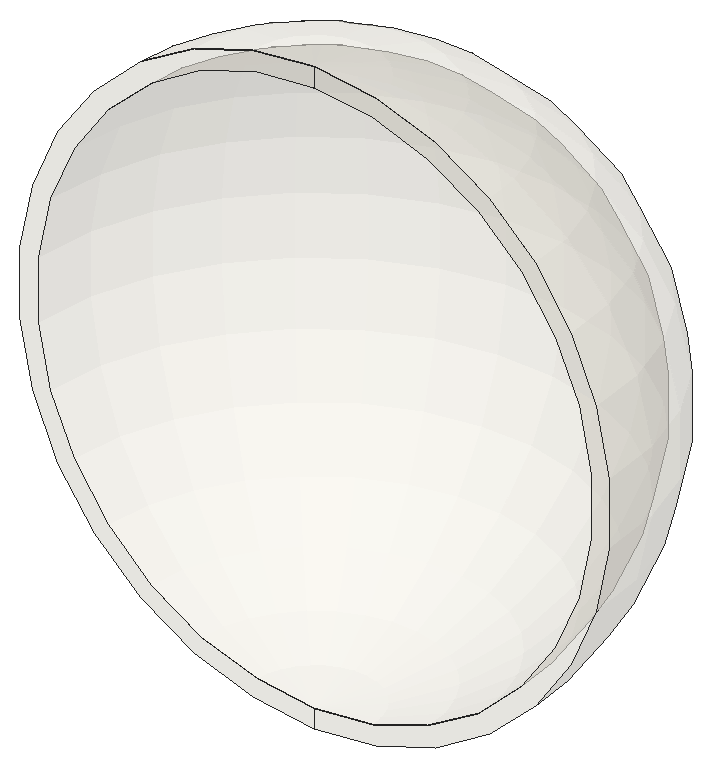
Revit family
Parameters (values of type "100 watt Incandescent")
  Wattage = 12.1178 W
  built-in parameter 1150110 = 1 (stored number, unit not read)
  built-in parameter 1114217 = 1 (stored number, unit not read)
  built-in parameter 1150109 = 1 (stored number, unit not read)
  built-in parameter 1150134 = 3
  built-in parameter 1150113 = 1 (stored number, unit not read)
  built-in parameter 1150105 = 143.24 (stored number, unit not read)
  built-in parameter 1150115 = 1 (stored number, unit not read)
  Light Source Symbol Size = 609.6 mm
  built-in parameter 1150137 = (empty or 0)
  built-in parameter 1150139 = (empty or 0)
  built-in parameter 1150112 = 1 (stored number, unit not read)
  built-in parameter 1150114 = 1 (stored number, unit not read)
  Lamp = "A-21"
  Lumens = 1800 lm
  Mounting Height = 1800 mm
  Radius = 200 mm
  Material Shade = Glass - Frosted
  Wattage Comments = "100"
  Keynote = "V"
  built-in parameter 1150132 = 2
  built-in parameter 1150102 = (empty or 0)
  built-in parameter 1150107 = 3200 (stored number, unit not read)
  built-in parameter 1150138 = (empty or 0)
  built-in parameter 1150106 = 1.4324 (stored number, unit not read)
  built-in parameter 1150104 = 13.8 (stored number, unit not read)
  Dimming Lamp Color Temperature Shift = (empty or 0)
  Color Filter = 16777215
  built-in parameter 1114218 = 1 (stored number, unit not read)
  built-in parameter 1150133 = 10 (stored number, unit not read)
Types (3, lengths in mm): name | Wattage | built-in parameter 1150105 | Lamp | Lumens | Wattage Comments | built-in parameter 1150106
  (no name) | 12.1178 W | 143.24 (stored number, unit not read) | "A-21" | 1800 lm | "100" | 1.4324 (stored number, unit not read)
  100 watt Incandescent | 12.1178 W | 143.24 (stored number, unit not read) | "A-21" | 1800 lm | "100" | 1.4324 (stored number, unit not read)
  60 watt Incandescent | 7.27067 W | 85.944 (stored number, unit not read) | "A-19" | 1080 lm | "60" | 0.85944 (stored number, unit not read)
Reference planes
  plane 1: y = 0
  plane 2 "Light Source Axis": x = 0
  plane 3 "Light Source Elevation": z = 1800
  plane 4 "Light Source Axis": y = 139.7
  plane 5: y = 76.2
Forms (mm)
  Revolve 1, solid, material "Glass - Frosted" <- "Material Shade"
    sketch origin (-1524, 76.2, 0) x (-1, 0, 0) y (0, 0, 1)
      loop
        line (-1524, 2000) -> (-1524, 1987.3)
        arc (-1524, 1987.3) -> (-1336.7, 1800) -> (-1524, 1612.7) r 187.3
        line (-1524, 1612.7) -> (-1524, 1600)
        arc (-1524, 1600) -> (-1324, 1800) -> (-1524, 2000) r 200
      axis (-1524, 2000) -> (-1524, 1600)
    angle from 0 to -180
Lines and regions (mm)
  symbolic lines
    curve 1: arc (200, 76.2, 0) -> (0, 276.2, 0) -> (-200, 76.2, 0) r 200
  model lines, style "InvisibleLines"
    curve 2: line (0, 76.2, 1609.5) -> (0, 76.2, 0)
Text (mm)
  text "Front" at (0, 1019.848, 3124.603), in view "Right"
  text "Front" at (-1113.488, 723.012, 0), in view "Floor Line"
  text "Front" at (0, 1206.291, 2933.087), in view "Left"
Dimensions and locks
  host wall to plane 4 "Light Source Axis" = 63.5 mm
  "Mounting Height": level to plane 3 "Light Source Elevation"
  "Radius": Revolve 1 sketch curve to Revolve 1 sketch curve
  "Radius": curve 1 to curve 1
  locked: host wall to plane 4 "Light Source Axis" at 63.5
  aligned and locked: plane 5 to host wall
  aligned and locked: plane 2 "Light Source Axis" to imposter light
  aligned and locked: plane 4 "Light Source Axis" to imposter light
  aligned and locked: plane 3 "Light Source Elevation" to imposter light
Automatic sketch dimensions
  Revolve 1 sketch curve to plane 2 "Light Source Axis" = 0 mm  (x2)
  Revolve 1 sketch curve to plane 3 "Light Source Elevation" = 0 mm  (x2)
  Revolve 1 sketch curve to Revolve 1 sketch curve = 12.7 mm
  Revolve 1 sketch curve to Revolve 1 sketch curve = 63.5 mm
  Revolve 1 sketch curve to Revolve 1 sketch curve = 50.8 mm
  curve 1 to plane 5 = 0 mm
  curve 1 to plane 2 "Light Source Axis" = 0 mm
  curve 2 to plane 2 "Light Source Axis" = 0 mm
  curve 2 to level = 0 mm
  plane 3 "Light Source Elevation" to curve 2 = 190.5 mm
